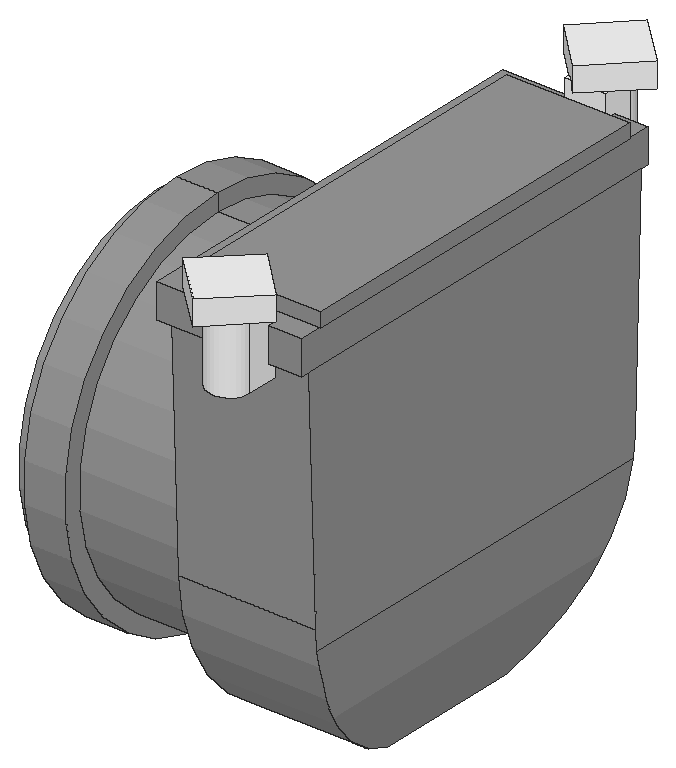
Revit family "HL_Затвор_HL715.0", category Příslušenství trubek, Revit 2016
Family settings
  Typ součásti = Zakončení
  Kóta kulaté spojky = Použít průměr
  Číslo OmniClass = 23.65.55.14.21
  Nadpis OmniClass = Non-Return Valves for Liquid Services
  Založené na pracovní rovině = Ne
  Vždy vertikální = Ano
  Ořezat dutým tvarem při načtení = Ne
  Sdílené = Ne
Parameters (values of type "HL_Затвор_HL715.0")
  РАЗМЕР = "DN160"
  ПРОПУСКНАЯ СПОСОБНОСТЬ [instance] = 0.0 m³/h
  ПРАВОВАЯ ИНФОРМАЦИЯ = "\"Авторские права(©), права на дизайн или какие либо другие права интелектуальной собственности являются исключительной собственностью компании HL Hutterer & Lechner. Изменению не подлежит. Файл семейства с данными о прозводителе изделия защищен паролем с водяным знаком.\""
  ПАДЕНИЕ ДАВЛЕНИЯ [instance] = 0.0 Pa
  НОМИНАЛЬНЫЙ ДИАМЕТР = 160 mm
  МАТЕРИАЛ = "ABS"
  ВЫСОТА МОНТАЖА = "244 mm"
  ВЕС = "1,43 kg"
  Výrobce = "HL Hutterer & Lechner GmbH"
  URL = "http://www.hutterer-lechner.com/ru/products/catalog/roof-drains/HL715.0.aspx"
  Popis = "Механический канализационный затвор"
  Model = "HL715.0"
  Komentáře k typům = "Затвор DN160 с заслонкой из нержавеющей стали и муфтой для труб из синтетического материала."
  Keynote = "HL715.0"
  EAN = "9003076971503"
  Cena = 0
Types (2, lengths in mm): name | URL | Popis | Komentáře k typům
  (no name) | "http://www.hutterer-lechner.com/en/products/catalog/roof-drains/HL715.0.aspx" | "Anti flood valves" | "anti-flood valve DN160 with stainless steel flap and socket for plastic pipes"
  HL_Затвор_HL715.0 | "http://www.hutterer-lechner.com/ru/products/catalog/roof-drains/HL715.0.aspx" | "Механический канализационный затвор" | "Затвор DN160 с заслонкой из нержавеющей стали и муфтой для труб из синтетического материала."
Values of the unnamed type that differ from the named types
  ПРАВОВАЯ ИНФОРМАЦИЯ = "\"Copyright (©), design rights or any other intellectual property rights, shall be the exclusive property of HL Hutterer & Lechner GmbH. Modification is not allowed. Family has been watermarked.\""
Reference planes
  plane 1 "Střed (vpředu/vzadu)": y = 0
  plane 2: z = 0
  plane 3 "Střed (vlevo/vpravo)": x = 0
Forms (mm)
  Sweep 1, solid, material "Plastic - Orange", detail levels fine
    path origin (44.2, 0, 126.9) x (-1, 0, 0) y (0, 0, 1)
      loop
        line (40.009, -23.5) -> (-27, -23.5)
    profile origin (37.696, 0, 103.4) x (0, 0, -1) y (0, 1, 0)
      loop
        line (0, 0) -> (0, -101.455) -> (114.412, -97.46)
        arc (114.412, -97.46) -> (179.079, -67.375) -> (202.479, 0) r 91.459
        arc (202.479, 0) -> (179.079, 67.375) -> (114.412, 97.46) r 91.459
        line (114.412, 97.46) -> (0, 101.455) -> (0, 0)
  Extrusion 2, void
    sketch origin (44.2, 0, 126.9) x (-1, 0, 0) y (0, 0, 1)
      loop
        line (-27, -148.262) -> (-27, -226.815) -> (-2, -226.815) -> (-2, -220.979) -> (-13.546, -220.979)
        arc (-13.546, -220.979) -> (-23.608, -185.238) -> (-27, -148.262) r 203.238
    from -110 to 110
  Extrusion 3, solid, material "Plactic - White", detail levels fine
    sketch origin (105.7, 0, 126.9) x (-1, 0, 0) y (0, -1, 0)
      loop
        line (71.5, -101.158) -> (51.5, -101.158) -> (51.5, -116.5)
        arc (51.5, -116.5) -> (61.5, -126.5) -> (71.5, -116.5) r 10
        line (71.5, -116.5) -> (71.5, -101.158)
    from -32 to 3.735
  Extrusion 4, solid, material "Plactic - White", detail levels fine
    sketch origin (105.7, 0, 130.635) x (-1, 0, 0) y (0, -1, 0)
      loop
        line (84.127, -116.5) -> (61.5, -93.873) -> (38.873, -116.5) -> (61.5, -139.127) -> (84.127, -116.5)
    from 0 to 12
  Extrusion 5, solid, material "Plactic - White", detail levels fine
    sketch origin (105.7, 0, 126.9) x (-1, 0, 0) y (0, -1, 0)
      loop
        line (71.5, 101.158) -> (71.5, 116.5)
        arc (71.5, 116.5) -> (61.5, 126.5) -> (51.5, 116.5) r 10
        line (51.5, 116.5) -> (51.5, 101.158) -> (71.5, 101.158)
    from -32 to 3.735
  Extrusion 6, solid, material "Plactic - White", detail levels fine
    sketch origin (105.7, 0, 130.635) x (-1, 0, 0) y (0, -1, 0)
      loop
        line (84.127, 116.5) -> (61.5, 139.127) -> (38.873, 116.5) -> (61.5, 93.873) -> (84.127, 116.5)
    from 0 to 12
  Extrusion 7, solid, material "Plastic - Orange", detail levels fine
    sketch origin (4.191, 0, 103.4) x (1, 0, 0) y (0, 1, 0)
      loop
        line (-4.191, -105.7) -> (67.009, -105.7) -> (67.009, 105.7) -> (-4.191, 105.7) -> (-4.191, -105.7)
    from 0 to 16.5
  Extrusion 8, solid, material "Plastic - Orange", detail levels fine
    sketch origin (4.191, 0, 119.9) x (1, 0, 0) y (0, 1, 0)
      loop
        line (7.009, 94.5) -> (7.009, -94.5) -> (67.009, -94.5) -> (67.009, 94.5) -> (7.009, 94.5)
    from 0 to 7
  Revolve 9, solid, material "Plastic - Orange", detail levels fine
    sketch origin (44.2, 0, 126.9) x (-1, 0, 0) y (0, 0, 1)
      loop
        line (128, -126.9) -> (128, -41.9) -> (119, -41.9) -> (119, -33.396) -> (99, -33.396) -> (99, -41.9) -> (40.009, -41.9) -> (40.009, -126.9) -> (128, -126.9)
      axis (128, -126.9) -> (40.009, -126.9)
    angle from 0 to 360
Cuts and joins
  Extrusion 2 cuts Sweep 1
Lines and regions (mm)
  model lines, style "Symbol", detail levels coarse+medium
    curve 1: line (0, 0, -105) -> (0, 0, 105)
    curve 2: line (0, 0, 0) -> (105, 0, 0)
    curve 3: circle (205, 0, 0) r 100 normal (0, -1, 0)
  symbolic lines, style "Symbol", detail levels coarse+medium
    curve 4: line (0, -105, 0) -> (0, 105, 0)
    curve 5: circle (205, -0.5, 0) r 100 normal (0, 0, 1)
    curve 6: line (0, 0, 0) -> (105.001, 0, 0)
Dimensions and locks
  aligned and locked: level to plane 2
Connectors
  piping at (0, 0, 0), diameter 160, driven by "ПАДЕНИЕ ДАВЛЕНИЯ", driven by "НОМИНАЛЬНЫЙ ДИАМЕТР", driven by "ПРОПУСКНАЯ СПОСОБНОСТЬ"
    settings: on plane 3 "Střed (vlevo/vpravo)", index 1, connector inside diameter 609.6 mm, connector length 0 mm, flow factor 0, pipe flow 0.0 m³/h, pressure drop 0.0 Pa, fitting loss kfactor 0, connector angle 0.00°, fixture units 0, engagement length 0 mm, angle of deflection 0.00°, flow configuration 0, flow direction 0, fitting loss method 4, system type 16, joint type 0, gender type 0, connector reference index -1, connector utility 0, adjustable connector no, is connector primary yes, connector description ""
